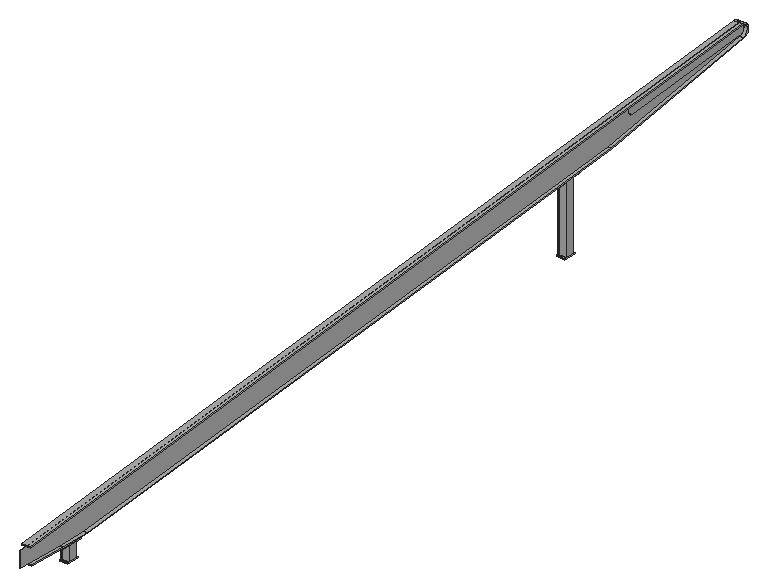
Revit family "STC_A3-R3", category Structural Framing, Revit 2016
Family settings
  Section Shape = Not Defined
  Material for Model Behavior = Other
  Always export as geometry = No
  Work Plane-Based = No
  Always vertical = Yes
  Cut with Voids When Loaded = No
  Symbolic Representation = From Family
  Shared = No
  Show family pre-cut in plan views = Yes
Parameters (values of type "R2")
  Assembly Code = ""
Reference planes
  plane 1 "Center (Front/Back)": y = -4115.25
  plane 2: z = 0
  plane 3 "Center (Left/Right)": x = 0
  plane 4: y = -11615.25
  plane 5: y = -4115.25
  plane 6: y = -3485.25
  plane 7: y = -12338.75
Forms (mm)
  Extrusion 1, solid, material "Metal - Steel"
    sketch origin (0, 0, -47.4) x (0, 1, 0) y (0, 0, 1)
      loop
        line (-1512.369, 1417.651) -> (-12250, 477.716) -> (-12249.333, 470.949) -> (-1506.762, 1411.316)
        arc (-1506.762, 1411.316) -> (-1434.044, 1344.486) -> (-1494.028, 1266.026) r 73.223
        line (-1494.028, 1266.026) -> (-3485.25, 945.812) -> (-11385.593, 254.244) -> (-11745, 254.27) -> (-12229.806, 272.796) -> (-12229.132, 265.961) -> (-11745, 247.47) -> (-11385, 247.47) -> (-3484.657, 939.038) -> (-1487.423, 1256.953)
        arc (-1487.423, 1256.953) -> (-1424.735, 1348.97) -> (-1512.369, 1417.651) r 81.493
    from -51 to 51
  Extrusion 2, solid, material "Metal - Steel"
    sketch origin (0, 0, -47.4) x (0, 1, 0) y (0, 0, 1)
      loop
        line (-1506.571, 1411.333) -> (-12338.75, 463.121) -> (-12338.75, 276.959) -> (-11745, 254.27) -> (-11385.593, 254.244) -> (-3485.25, 945.812) -> (-1493.923, 1266.043)
        arc (-1493.923, 1266.043) -> (-1433.935, 1344.461) -> (-1506.571, 1411.333) r 73.223
    from -3 to 3
  Extrusion 3, solid, material "Metal - Steel"
    sketch origin (0, -5872.5, 70.335) x (0, 1, 0) y (0, 0, 1)
      loop
        line (-5612.5, 117.735) -> (-5612.5, 129.735) -> (-5872.5, 129.735) -> (-5872.5, 117.735) -> (-5612.5, 117.735)
    from -50 to 50
  Extrusion 4, solid, material "Metal - Steel"
    sketch origin (0, 1615.118, 1213.847) x (0, 0.996191, 0.087203) y (0, -0.087203, 0.996191)
      loop
        line (-5612.5, 111.735) -> (-5612.5, 123.735) -> (-5872.5, 123.735) -> (-5872.5, 111.735) -> (-5612.5, 111.735)
    from -50 to 50
  Extrusion 5, solid, material "Metal - Steel"
    sketch origin (0, -3442.57, -351.585) x (0, 1, 0) y (0, 0, -1)
      loop
        arc (1930.833, -1697.798) -> (1971.502, -1684.976) -> (1991.192, -1647.151) r 55.716
        arc (1991.192, -1647.151) -> (1978.369, -1606.481) -> (1940.545, -1586.791) r 55.716
        line (1940.545, -1586.791) -> (324.343, -1445.392)
        arc (324.343, -1445.392) -> (283.674, -1458.215) -> (263.983, -1496.039) r 55.716
        arc (263.983, -1496.039) -> (276.806, -1536.709) -> (314.631, -1556.399) r 55.716
        line (314.631, -1556.399) -> (1930.833, -1697.798)
    from -11.456 to 11
  Extrusion 6, solid, material "Metal - Steel"
    sketch origin (0, -4115.25, 0) x (1, 0, 0) y (0, 1, 0)
      loop
        line (-50, 50) -> (-50, -50) -> (50, -50) -> (50, 50) -> (-50, 50)
      loop
        line (-44, 44) -> (-44, -44) -> (44, -44) -> (44, 44) -> (-44, 44)
    from 12 to 829.552
  Extrusion 7, solid, material "Metal - Steel"
    sketch origin (0, -4115.25, 0) x (0, 1, 0) y (0, 0, 1)
      loop
        line (72, 12) -> (-72, 12) -> (-72, 0) -> (72, 0) -> (72, 12)
    from -50 to 50
  Extrusion 8, solid, material "Metal - Steel"
    sketch origin (0, -11640, 0) x (1, 0, 0) y (0, 1, 0)
      loop
        line (-50, 75) -> (-50, -25) -> (50, -25) -> (50, 75) -> (-50, 75)
      loop
        line (-44, 69) -> (-44, -19) -> (44, -19) -> (44, 69) -> (-44, 69)
    from 12 to 188.07
  Extrusion 9, solid, material "Metal - Steel"
    sketch origin (0, -11651, 0) x (0, 1, 0) y (0, 0, 1)
      loop
        line (107.5, 12) -> (-36, 12) -> (-36, 0) -> (107.5, 0) -> (107.5, 12)
    from -50 to 50
Cuts and joins
  joined: Extrusion 4, Extrusion 6
  joined: Extrusion 2, Extrusion 5
Dimensions and locks
  plane 5 to plane 4 = 7500 mm
  plane 6 to plane 5 = 630 mm
  plane 4 to plane 7 = 723.5 mm
